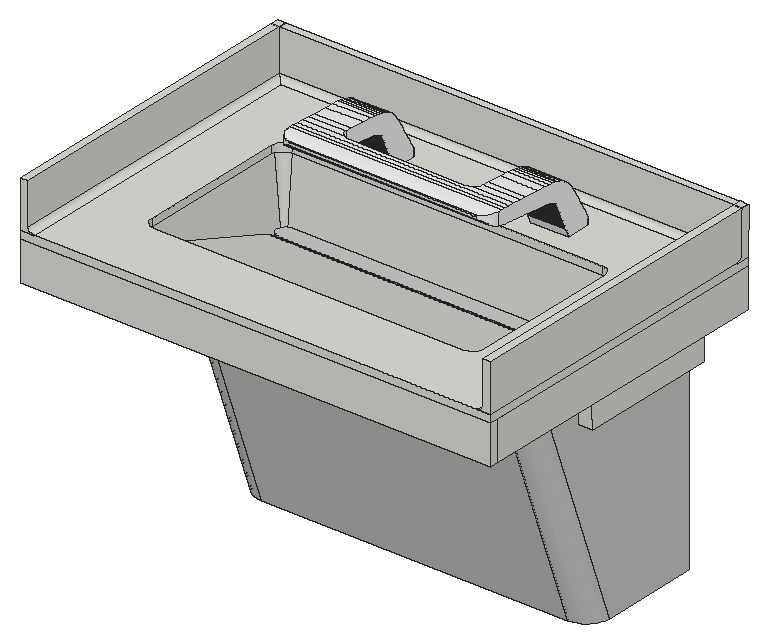
Revit family "Sink-Bradley_Corp-Omnideck_LD-5010_WashBar_1Bowl", category Plumbing Fixtures, Revit 2017
Family settings
  Round Connector Dimension = Use Diameter
  Part Type = Normal
  OmniClass Number = 23.45.00.00
  OmniClass Title = Sanitary, Laundry, and Cleaning Equipment
  Work Plane-Based = No
  Always vertical = Yes
  Cut with Voids When Loaded = No
  Shared = No
  Room Calculation Point = No
Parameters (values of type "Omnideck LD-5010 WashBar 1-Bowl")
  URL = "http://bradleycorp.com"
  SplashRight [instance] = yes
  SplashLeft [instance] = yes
  Splash-Height [instance] = 3"
  Specifications URL = "https://www.bradleycorp.com/3partspec"
  Product Tech Data URL - English = "https://www.bradleycorp.com/download/1152/Bradley_Sink_OmniDeck_LD-3010.pdf"
  Product Page URL = "https://www.bradleycorp.com/lavatories/omnideck/3000-series/omnideck-with-square-multipurpose-basin"
  OmniClass Table 23 Title = "Sinks/Lavatories"
  OmniClass Table 23 Number = "23.45 05 14 14"
  Model = "LD 3010 HS TS1 2-Bowl"
  Material-Deck [instance] = Stone - Bradley Corp - Designer White
  MasterFormat Title = "Commercial Lavatories and Sinks"
  MasterFormat Number = "22 42 16"
  Manufacturer Installation URL - English = "https://www.bradleycorp.com/download/1156/215-1219.pdf"
  Manufacturer = "Bradley Corporation"
  LENGTH [instance] = 30"
  HEIGHT [instance] = 33 1/2"
  SplashBack [instance] = yes
  Material-Basin [instance] = Stone - Bradley Corp - Designer White
  Description = "Bradley Omnideck Lavatory LD 3010  - HS TS1 Two  Bowl"
  DEPTH [instance] = 20 1/2"
  DIST-To-Bowl1 [instance] = 15"
  Copyright = "This Model Data is Property of Bradley Corporation"
  Assembly Code = "D2010400"
  ApronRight [instance] = yes
  ApronLeft [instance] = yes
  ApronFront [instance] = yes
  Apron-Depth [instance] = 3"
Reference planes
  plane 1 "Center (Front/Back)": y = 0
  plane 2: z = 0
  plane 3 "T.O. Deck": z = 850.9
  plane 4 "Deck Thickness": z = 838.2
  plane 5 "F.O.Deck": y = -520.7
  plane 6: z = 363.538
  plane 7 "C.O. BOWL": y = -273.05
  plane 8 "C.O.Bowl1": x = -502.85
  plane 9 "Splash-Height": z = 927.1
  plane 10 "C.O.Faucet-Soap": y = -79.375
  plane 11 "Soap-Left-Bowl2": x = 182.95
  plane 12 "Right-End": x = -121.85
  plane 13 "LEFT-END": x = -883.85
  plane 14: z = 800.1
  plane 15 "B.O. Basin": y = -127
  plane 16: x = -777.487
  plane 17: x = -228.212
  plane 18: x = -232.975
  plane 19: x = -772.725
  plane 20: y = -412.75
  plane 21: y = -133.35
  plane 22 "B.O. Apron": z = 774.7
Forms (mm)
  Extrusion 1, solid, material "Stone - Bradley Corp - Designer White" <- "Material-Deck"
    sketch origin (0, 0, 850.9) x (-1, 0, 0) y (0, -1, 0)
      loop
        line (883.85, 0) -> (883.85, 520.7) -> (121.85, 520.7) -> (121.85, 0) -> (883.85, 0)
    from 0 to -12.7
  Extrusion 2, solid, material "Stone - Bradley Corp - Designer White" <- "Material-Deck", visible <- "ApronFront", detail levels medium+fine
    sketch origin (0, 0, 838.2) x (-1, 0, 0) y (0, -1, 0)
      loop
        line (883.85, 520.7) -> (121.85, 520.7) -> (121.85, 508) -> (883.85, 508) -> (883.85, 520.7)
    from 0 to -63.5
  Extrusion 3, solid, material "Stone - Bradley Corp - Designer White" <- "Material-Deck", visible <- "ApronRight", detail levels medium+fine
    sketch origin (1713.3, 0, 838.2) x (-1, 0, 0) y (0, -1, 0)
      loop
        line (1847.85, 508) -> (1835.15, 508) -> (1835.15, 0) -> (1847.85, 0) -> (1847.85, 508)
    from 0 to -63.5
  Extrusion 4, solid, material "Stone - Bradley Corp - Designer White" <- "Material-Deck", visible <- "ApronLeft", detail levels medium+fine
    sketch origin (-579, 0, 838.2) x (-1, 0, 0) y (0, -1, 0)
      loop
        line (304.85, 508) -> (292.15, 508) -> (292.15, 0) -> (304.85, 0) -> (304.85, 508)
    from 0 to -63.5
  Extrusion 5, solid, material "Stone - Bradley Corp - Designer White" <- "Material-Deck", visible <- "SplashBack"
    sketch origin (-121.85, 0, 0) x (0, 0, -1) y (0, -1, 0)
      loop
        line (-927.1, 12.7) -> (-927.1, 0) -> (-850.9, 0) -> (-850.9, 22.225)
        arc (-850.9, 22.225) -> (-853.69, 15.49) -> (-860.425, 12.7) r 9.525
        line (-860.425, 12.7) -> (-927.1, 12.7)
    from 0 to 762 <- "LENGTH"
  Extrusion 6, solid, material "Stone - Bradley Corp - Designer White" <- "Material-Deck", visible <- "SplashLeft"
    sketch origin (0, 0, 0) x (1, 0, 0) y (0, 0, 1)
      loop
        line (-871.15, 860.425) -> (-871.15, 927.1) -> (-883.85, 927.1) -> (-883.85, 850.9) -> (-861.625, 850.9)
        arc (-861.625, 850.9) -> (-868.36, 853.69) -> (-871.15, 860.425) r 9.525
    from 0 to 520.7 <- "DEPTH"
  Extrusion 7, solid, material "Stone - Bradley Corp - Designer White" <- "Material-Deck", visible <- "SplashRight"
    sketch origin (0, 0, 0) x (1, 0, 0) y (0, 0, 1)
      loop
        line (-134.55, 927.1) -> (-134.55, 860.425)
        arc (-134.55, 860.425) -> (-137.34, 853.69) -> (-144.075, 850.9) r 9.525
        line (-144.075, 850.9) -> (-121.85, 850.9) -> (-121.85, 927.1) -> (-134.55, 927.1)
    from 0 to 520.7 <- "DEPTH"
  Extrusion 8, void
    sketch origin (0, 0, 850.9) x (-1, 0, 0) y (0, -1, 0)
      loop
        arc (251.994, 412.75) -> (238.546, 407.179) -> (232.975, 393.731) r 19.019
        line (232.975, 393.731) -> (232.975, 152.369)
        arc (232.975, 152.369) -> (238.546, 138.921) -> (251.994, 133.35) r 19.019
        line (251.994, 133.35) -> (753.675, 133.35)
        arc (753.675, 133.35) -> (767.123, 138.921) -> (772.725, 152.369) r 19.019
        line (772.725, 152.369) -> (772.694, 393.731)
        arc (772.694, 393.731) -> (767.123, 407.179) -> (753.675, 412.75) r 19.019
        line (753.675, 412.75) -> (251.994, 412.75)
    from 0 to -12.7
Cuts and joins
  Extrusion 8 cuts Extrusion 1
Dimensions and locks
  "HEIGHT": plane 3 "T.O. Deck" to level
  locked: plane 3 "T.O. Deck" to plane 4 "Deck Thickness" at 12.7
  "DEPTH": plane 5 "F.O.Deck" to plane 1 "Center (Front/Back)"
  plane 3 "T.O. Deck" to plane 6 = 19 3/16"  (x2)
  locked: plane 7 "C.O. BOWL" to plane 1 "Center (Front/Back)" at 273.05
  "Splash-Height": plane 9 "Splash-Height" to plane 3 "T.O. Deck"
  locked: plane 1 "Center (Front/Back)" to plane 10 "C.O.Faucet-Soap" at 79.375
  locked: plane 3 "T.O. Deck" to plane 14 at 50.8
  plane 16 to plane 8 "C.O.Bowl1" to plane 17 = 10 13/16", 10 13/16"
  "LENGTH": plane 13 "LEFT-END" to plane 12 "Right-End"
  "DIST-To-Bowl1": plane 13 "LEFT-END" to plane 8 "C.O.Bowl1"
  locked: plane 15 "B.O. Basin" to plane 1 "Center (Front/Back)" at 127
  plane 16 to plane 17 = 21 5/8"
  locked: plane 20 to plane 1 "Center (Front/Back)" at 412.75
  plane 8 "C.O.Bowl1" to Extrusion 8 sketch curve = 10 5/8"
  locked: Extrusion 8 to plane 8 "C.O.Bowl1" at 269.875
  locked: plane 8 "C.O.Bowl1" to Extrusion 8 at 269.875
  "Apron-Depth": plane 3 "T.O. Deck" to plane 22 "B.O. Apron"
  aligned and locked: level to plane 2
  aligned and locked: Extrusion 1 sketch curve to plane 5 "F.O.Deck"
  aligned and locked: Extrusion 1 to plane 4 "Deck Thickness"
  aligned and locked: Extrusion 1 to plane 1 "Center (Front/Back)"
  aligned and locked: plane 12 "Right-End" to Extrusion 1 sketch curve
  aligned and locked: Extrusion 2 sketch curve to plane 12 "Right-End"
  aligned and locked: plane 13 "LEFT-END" to Extrusion 2
  aligned and locked: Extrusion 6 sketch curve to plane 9 "Splash-Height"
  aligned and locked: Extrusion 7 sketch curve to plane 9 "Splash-Height"
  aligned and locked: nested 1 to plane 8 "C.O.Bowl1"
  aligned and locked: plane 1 "Center (Front/Back)" to nested 1
  aligned and locked: nested 2 to plane 10 "C.O.Faucet-Soap"
  aligned and locked: plane 3 "T.O. Deck" to nested 2
  aligned and locked: nested 3 to plane 8 "C.O.Bowl1"
  aligned and locked: plane 4 "Deck Thickness" to nested 3
  aligned and locked: plane 6 to nested 1
  aligned and locked: plane 5 "F.O.Deck" to Extrusion 2
  aligned and locked: plane 22 "B.O. Apron" to Extrusion 2  (x2)
  aligned and locked: Extrusion 3 to plane 22 "B.O. Apron"
  aligned and locked: Extrusion 4 to plane 22 "B.O. Apron"
Automatic sketch dimensions
  Extrusion 1 sketch curve to plane 13 "LEFT-END" = 0"
  plane 1 "Center (Front/Back)" to Extrusion 1 sketch curve = 0"
  Extrusion 2 sketch curve to plane 13 "LEFT-END" = 0"
  plane 5 "F.O.Deck" to Extrusion 2 sketch curve = 0"
  Extrusion 2 sketch curve to plane 5 "F.O.Deck" = 1/2"
  Extrusion 3 sketch curve to plane 12 "Right-End" = 0"
  plane 1 "Center (Front/Back)" to Extrusion 3 sketch curve = 0"
  Extrusion 3 sketch curve to Extrusion 3 sketch curve = 1/2"
  Extrusion 3 sketch curve to plane 5 "F.O.Deck" = 1/2"
  plane 1 "Center (Front/Back)" to Extrusion 4 sketch curve = 0"
  Extrusion 4 sketch curve to plane 13 "LEFT-END" = 0"
  Extrusion 4 sketch curve to plane 13 "LEFT-END" = 1/2"
  Extrusion 4 sketch curve to plane 5 "F.O.Deck" = 1/2"
  plane 13 "LEFT-END" to Extrusion 6 sketch curve = 0"
  Extrusion 6 sketch curve to plane 13 "LEFT-END" = 1/2"
  Extrusion 6 sketch curve to Extrusion 6 sketch curve = 3/8"
  Extrusion 5 sketch curve to plane 1 "Center (Front/Back)" = 0"
  Extrusion 5 sketch curve to plane 9 "Splash-Height" = 0"
  Extrusion 5 sketch curve to plane 3 "T.O. Deck" = 0"
  plane 3 "T.O. Deck" to Extrusion 5 sketch curve = 3/8"
  plane 1 "Center (Front/Back)" to Extrusion 5 sketch curve = 1/2"
  plane 12 "Right-End" to Extrusion 7 sketch curve = 0"
  plane 3 "T.O. Deck" to Extrusion 7 sketch curve = 3/8"
  plane 12 "Right-End" to Extrusion 7 sketch curve = 7/8"
  Extrusion 6 sketch curve to plane 3 "T.O. Deck" = 0"
  Extrusion 7 sketch curve to plane 3 "T.O. Deck" = 0"
  plane 20 to Extrusion 8 sketch curve = 0"
  plane 21 to Extrusion 8 sketch curve = 0"
  Extrusion 8 sketch curve to plane 19 = 0"
  plane 18 to Extrusion 8 sketch curve = 0.74878"  (x2)
  Extrusion 8 sketch curve to plane 19 = 3/4"
  Extrusion 8 sketch curve to Extrusion 8 sketch curve = 3/4"
  Extrusion 8 sketch curve to Extrusion 8 sketch curve = 0.74878"  (x2)
  Extrusion 8 sketch curve to Extrusion 8 sketch curve = 0"  (x2)
Nested families
  nested 1: "Access-Panel-LD5010" at (-502.85, 0, 810.323), type "Access-Panel-LD5010"
  nested 2: "Faucet-Soap-Dryer-Bradley_Corp-3_In_One_Washbar" at (-502.85, -55.575, 850.9), type "Washbar"
  nested 3: "Basin-Bradley_Corp-Omnideck-WashBar-LD5010" at (-437.762, 0, 0), Basin Material <- "Material-Basin", type "LVQ-1"
    with Height 33 1/2", Basin Material Stone - Bradley Corp - Designer White
Definition of nested family "Access-Panel-LD5010"
  Reference planes
    plane 1 "Center (Front/Back)": y = 0
    plane 2 "T.O. Access Panel": z = 0
    plane 3 "Center (Left/Right)": x = 0
    plane 4 "B.O. Access Panel": z = -446.786
    plane 5: through (0, -339.048, 0) normal (0, 0.9397, 0.342)
    plane 6 "Bottom Perimeter": y = -198.374
    plane 7 "Top Perimeter": y = -348.488
    plane 8 "Inside-Left": x = -252.73
    plane 9 "Inside-Right": x = 252.73
    plane 10: x = -285.369
    plane 11: x = 285.369
    plane 12: z = -33.528
    plane 13: y = 214.884
    plane 14 "top edge": y = -360.667
  Forms (mm)
    Blend 1, solid
      base sketch origin (0, 0, -446.786) x (0, -1, 0) y (1, 0, 0)
        loop
          arc (195.834, -247.269) -> (185.419, -272.414) -> (160.274, -282.829) r 35.56
          line (160.274, -282.829) -> (0, -282.829) -> (0, -285.369) -> (160.274, -285.369)
          arc (160.274, -285.369) -> (187.215, -274.21) -> (198.374, -247.269) r 38.1
          line (198.374, -247.269) -> (198.374, 247.269)
          arc (198.374, 247.269) -> (187.215, 274.21) -> (160.274, 285.369) r 38.1
          line (160.274, 285.369) -> (0, 285.369) -> (0, 282.829) -> (160.274, 282.829)
          arc (160.274, 282.829) -> (185.419, 272.414) -> (195.834, 247.269) r 35.56
          line (195.834, 247.269) -> (195.834, -247.269)
      top sketch origin (0, 0, 0) x (1, 0, 0) y (0, 1, 0)
        loop
          arc (247.269, -360.667) -> (274.21, -349.508) -> (285.369, -322.567) r 38.1
          line (285.369, -322.567) -> (285.369, 0) -> (282.829, 0) -> (282.829, -322.567)
          arc (282.829, -322.567) -> (272.414, -347.712) -> (247.269, -358.127) r 35.56
          line (247.269, -358.127) -> (-247.269, -358.127)
          arc (-247.269, -358.127) -> (-272.414, -347.712) -> (-282.829, -322.567) r 35.56
          line (-282.829, -322.567) -> (-282.829, 0) -> (-285.369, 0) -> (-285.369, -322.567)
          arc (-285.369, -322.567) -> (-274.21, -349.508) -> (-247.269, -360.667) r 38.1
          line (-247.269, -360.667) -> (247.269, -360.667)
      from 0 to 0
    Extrusion 2, void
      sketch origin (0, 0, 0) x (0, 1, 0) y (0, 0, 1)
        loop
          arc (-368.237, -44.643) -> (-286.598, -9.794) -> (-198.374, 0) r 304.142
          line (-198.374, 0) -> (-198.374, 19.05) -> (-368.237, 19.05) -> (-368.237, -44.643)
      from -304.8 to 304.8
  Cuts and joins
    Extrusion 2 cuts Blend 1
  Lines and regions (mm)
    Masking region 1
      outline origin (0, 0, 0) x (1, 0, 0) y (0, 0, 1)
        loop
          line (252.73, 0) -> (-252.73, 0) -> (-252.73, -446.786) -> (252.73, -446.786) -> (252.73, 0)
    Masking region 2
      outline origin (0, 0, 0) x (0, 1, 0) y (0, 0, 1)
        loop
          line (0, -446.786) -> (0, 0) -> (-339.048, 0) -> (-178.598, -446.786) -> (0, -446.786)
    symbolic lines
      curve 1: line (0, -198.374, -446.786) -> (0, -360.667, 0)
  Dimensions and locks
    plane 10 to plane 3 "Center (Left/Right)" to plane 11 = 11.235", 11.235"
    plane 10 to plane 11 = 22.47"
    plane 6 "Bottom Perimeter" to plane 1 "Center (Front/Back)" = 7.81"
    plane 7 "Top Perimeter" to plane 1 "Center (Front/Back)" = 13.72"
    level to plane 4 "B.O. Access Panel" = 17.59"
    plane 12 to plane 4 "B.O. Access Panel" = 16.27"
    aligned and locked: plane 2 "T.O. Access Panel" to level
    aligned and locked: Masking region 2 to plane 4 "B.O. Access Panel"
    aligned and locked: Masking region 1 to plane 4 "B.O. Access Panel"
Definition of nested family "Faucet-Soap-Dryer-Bradley_Corp-3_In_One_Washbar"
  Parameters (values of type "Washbar")
    Washbar Material = none
    Model = "Bradley Washbar"
  Reference planes
    plane 1 "B.O. Washbar": y = 0
    plane 2 "BASE": z = 0
    plane 3 "Center (Left/Right)": x = 0
    plane 4: x = -120.65
    plane 5: x = 120.65
    plane 6: x = -146.108
    plane 7: x = 196.73
    plane 8 "Washbar-Left": x = -171.45
    plane 9 "Washbar-Right": x = 171.45
    plane 10 "Deck Hole-Right": x = 139.7
    plane 11 "Deck Hole-Left": x = -139.7
    plane 12: y = -158.79
    plane 13: x = -111.125
    plane 14: x = 111.125
    plane 15 "Washbar-Front": y = -209.362
    plane 16 "C.O. Faucet Connection": y = -23.8
  Forms (mm)
    Extrusion 1, solid, material <- "Washbar Material"
      sketch origin (0, 0, 0) x (0, 1, 0) y (0, 0, 1)
        loop
          line (0, 0) -> (-2.908, 4.966) -> (-5.773, 9.932) -> (-8.618, 14.91) -> (-11.463, 19.889) -> (-14.314, 24.864) -> (-17.167, 29.837) -> (-20.018, 34.812) -> (-22.861, 39.791) -> (-25.688, 44.78) -> (-28.496, 49.779) -> (-31.292, 54.785) -> (-34.089, 59.79) -> (-36.95, 64.758) -> (-39.964, 69.629) -> (-43.269, 74.306) -> (-47.037, 78.624) -> (-51.367, 82.378) -> (-56.197, 85.441) -> (-61.4, 87.831) -> (-66.841, 89.634) -> (-72.414, 90.982) -> (-78.054, 92) -> (-83.73, 92.78) -> (-93.767, 93.856) -> (-108.192, 94.754) -> (-131.905, 96.037) -> (-142.274, 96.655) -> (-156.34, 97.542) -> (-165.831, 98.099) -> (-175.514, 98.578) -> (-180.82, 98.735)
          arc (-180.82, 98.735) -> (-194.876, 98.272) -> (-208.766, 96.06) r 112.569
          arc (-208.766, 96.06) -> (-209.25, 95.713) -> (-209.336, 95.123) r 0.762
          line (-209.336, 95.123) -> (-207.999, 90.022) -> (-199.479, 84.056) -> (-199.951, 82.514) -> (-173.927, 74.558)
          arc (-173.927, 74.558) -> (-173.403, 74.645) -> (-173.073, 75.06) r 0.741
          arc (-173.073, 75.06) -> (-172.338, 75.841) -> (-171.268, 75.922) r 1.482
          line (-171.268, 75.922) -> (-167.709, 75.516) -> (-166.749, 75.407) -> (-165.658, 75.283) -> (-164.439, 75.144) -> (-163.095, 74.99) -> (-161.633, 74.824) -> (-160.062, 74.645) -> (-158.394, 74.455) -> (-156.64, 74.255) -> (-154.816, 74.047) -> (-152.944, 73.834) -> (-151.044, 73.618) -> (-149.135, 73.4) -> (-147.228, 73.183) -> (-145.323, 72.966) -> (-143.417, 72.749) -> (-141.511, 72.531) -> (-139.604, 72.314) -> (-137.698, 72.097) -> (-135.792, 71.88) -> (-133.885, 71.662) -> (-131.979, 71.445) -> (-130.073, 71.228) -> (-128.167, 71.011) -> (-126.261, 70.793) -> (-124.355, 70.576) -> (-122.449, 70.359) -> (-120.544, 70.142) -> (-118.638, 69.925) -> (-116.733, 69.707) -> (-114.828, 69.49) -> (-112.923, 69.273) -> (-111.018, 69.056) -> (-109.113, 68.84) -> (-107.208, 68.623) -> (-105.303, 68.406) -> (-103.399, 68.187) -> (-101.495, 67.968) -> (-99.592, 67.75) -> (-97.688, 67.537) -> (-95.784, 67.329) -> (-93.88, 67.121) -> (-91.978, 66.902) -> (-90.079, 66.662) -> (-88.184, 66.397) -> (-86.292, 66.108) -> (-82.884, 65.553) -> (-79.277, 64.113) -> (-78.238, 63.616) -> (-77.232, 63.054) -> (-76.256, 62.439) -> (-75.313, 61.779) -> (-74.409, 61.07) -> (-73.547, 60.309) -> (-72.709, 59.47) -> (-71.919, 58.566) -> (-71.203, 57.597) -> (-70.573, 56.565) -> (-70.017, 55.487) -> (-69.523, 54.38) -> (-69.066, 53.258) -> (-68.62, 52.13) -> (-68.162, 51.007) -> (-67.688, 49.891) -> (-67.206, 48.777) -> (-66.723, 47.664) -> (-66.243, 46.549) -> (-65.767, 45.432) -> (-65.293, 44.315) -> (-64.819, 43.198) -> (-64.343, 42.081) -> (-63.867, 40.964) -> (-63.39, 39.847) -> (-62.913, 38.731) -> (-62.435, 37.615) -> (-61.958, 36.498) -> (-61.48, 35.382) -> (-61.003, 34.265) -> (-60.526, 33.149) -> (-60.048, 32.032) -> (-59.571, 30.916) -> (-59.093, 29.799) -> (-58.615, 28.683) -> (-58.137, 27.567) -> (-57.659, 26.45) -> (-57.18, 25.334) -> (-56.702, 24.218) -> (-56.224, 23.101) -> (-55.745, 21.985) -> (-55.267, 20.869) -> (-54.788, 19.753) -> (-54.309, 18.637) -> (-53.83, 17.521) -> (-53.351, 16.405) -> (-52.872, 15.289) -> (-52.393, 14.173) -> (-46.304, 0) -> (0, 0)
      from -171.45 to 171.45
    Extrusion 2, void
      sketch origin (0, 0, 0) x (1, 0, 0) y (0, 1, 0)
        loop
          arc (-111.125, -143.55) -> (-106.661, -154.327) -> (-95.885, -158.79) r 15.24
          line (-95.885, -158.79) -> (0, -158.79) -> (0, 3.175) -> (-139.7, 3.175) -> (-139.7, 0)
          arc (-139.7, 0) -> (-125.511, -1.679) -> (-111.896, -6.013) r 75.153
          arc (-111.896, -6.013) -> (-111.335, -6.481) -> (-111.125, -7.181) r 1.27
          line (-111.125, -7.181) -> (-111.125, -143.55)
      from 0 to 152.4
    Extrusion 3, void
      sketch origin (0, 0, 0) x (-1, 0, 0) y (0, -1, 0)
        loop
          line (-111.125, 143.55) -> (-111.125, 7.181)
          arc (-111.125, 7.181) -> (-111.335, 6.481) -> (-111.896, 6.013) r 1.27
          arc (-111.896, 6.013) -> (-125.511, 1.679) -> (-139.7, 0) r 75.153
          line (-139.7, 0) -> (-139.7, -3.175) -> (0, -3.175) -> (0, 158.79) -> (-95.885, 158.79)
          arc (-95.885, 158.79) -> (-106.661, 154.327) -> (-111.125, 143.55) r 15.24
      from 0 to 152.4
    Extrusion 4, void
      sketch origin (0, 0, 0) x (1, 0, 0) y (0, 1, 0)
        loop
          line (-142.875, 0) -> (-142.875, 3.111) -> (-174.738, 3.111) -> (-174.738, -7.181) -> (-171.45, -7.181)
          arc (-171.45, -7.181) -> (-171.24, -6.481) -> (-170.679, -6.013) r 1.27
          arc (-170.679, -6.013) -> (-157.064, -1.679) -> (-142.875, 0) r 75.153
      from 0 to 50.8
    Extrusion 5, void
      sketch origin (0, 0, 0) x (-1, 0, 0) y (0, -1, 0)
        loop
          arc (-142.875, 0) -> (-157.064, 1.679) -> (-170.679, 6.013) r 75.153
          arc (-170.679, 6.013) -> (-171.24, 6.481) -> (-171.45, 7.181) r 1.27
          line (-171.45, 7.181) -> (-174.738, 7.181) -> (-174.738, -3.111) -> (-142.875, -3.111) -> (-142.875, 0)
      from 0 to 50.8
    Extrusion 6, void
      sketch origin (0, 0, 0) x (1, 0, 0) y (0, 1, 0)
        loop
          line (-179.186, -186.859) -> (-179.186, -215.881) -> (-149.537, -215.881) -> (-149.537, -209.122)
          arc (-149.537, -209.122) -> (-164.22, -201.711) -> (-171.284, -186.859) r 25.4
          line (-171.284, -186.859) -> (-179.186, -186.859)
      from 0 to 153.722
    Extrusion 7, void
      sketch origin (0, 0, 0) x (-1, 0, 0) y (0, -1, 0)
        loop
          line (-179.186, 186.859) -> (-171.284, 186.859)
          arc (-171.284, 186.859) -> (-164.22, 201.711) -> (-149.537, 209.122) r 25.4
          line (-149.537, 209.122) -> (-149.537, 215.881) -> (-179.186, 215.881) -> (-179.186, 186.859)
      from 0 to 153.722
  Cuts and joins
    Extrusion 2, Extrusion 3, Extrusion 4, Extrusion 5, Extrusion 6, Extrusion 7 cuts Extrusion 1
  Lines and regions (mm)
    Masking region 1
      outline origin (0, 0, 0) x (1, 0, 0) y (0, 1, 0)
        loop
          arc (146.05, -209.362) -> (164.011, -201.923) -> (171.45, -183.962) r 25.4
          line (171.45, -183.962) -> (171.45, -6.348)
          arc (171.45, -6.348) -> (156.699, -1.601) -> (141.288, 0.019) r 75.153
          arc (141.288, 0.019) -> (125.876, -1.601) -> (111.125, -6.348) r 75.153
          line (111.125, -6.348) -> (111.125, -143.55)
          arc (111.125, -143.55) -> (106.661, -154.327) -> (95.885, -158.79) r 15.24
          line (95.885, -158.79) -> (-95.885, -158.79)
          arc (-95.885, -158.79) -> (-106.661, -154.327) -> (-111.125, -143.55) r 15.24
          line (-111.125, -143.55) -> (-111.125, -6.348)
          arc (-111.125, -6.348) -> (-125.876, -1.601) -> (-141.287, 0.019) r 75.153
          arc (-141.287, 0.019) -> (-156.699, -1.601) -> (-171.45, -6.348) r 75.153
          line (-171.45, -6.348) -> (-171.45, -183.962)
          arc (-171.45, -183.962) -> (-164.011, -201.923) -> (-146.05, -209.362) r 25.4
          line (-146.05, -209.362) -> (146.05, -209.362)
    Masking region 2
      outline origin (0, 0, 0) x (0, 1, 0) y (0, 0, 1)
        loop
          line (-108.192, 94.754) -> (-131.905, 96.037) -> (-142.274, 96.655) -> (-156.34, 97.542) -> (-172.427, 98.487) -> (-180.82, 98.735)
          arc (-180.82, 98.735) -> (-194.876, 98.272) -> (-208.766, 96.06) r 112.569
          arc (-208.766, 96.06) -> (-209.25, 95.713) -> (-209.336, 95.123) r 0.762
          line (-209.336, 95.123) -> (-207.999, 90.022) -> (-199.479, 84.056) -> (-199.951, 82.514) -> (-173.927, 74.558)
          arc (-173.927, 74.558) -> (-173.437, 74.627) -> (-173.1, 74.988) r 0.741
          arc (-173.1, 74.988) -> (-172.372, 75.824) -> (-171.268, 75.922) r 1.482
          line (-171.268, 75.922) -> (-167.709, 75.516) -> (-166.749, 75.407) -> (-165.658, 75.283) -> (-164.439, 75.144) -> (-163.095, 74.99) -> (-161.633, 74.824) -> (-160.062, 74.645) -> (-158.394, 74.455) -> (-156.64, 74.255) -> (-154.816, 74.047) -> (-152.944, 73.834) -> (-151.044, 73.618) -> (-149.135, 73.4) -> (-147.228, 73.183) -> (-145.323, 72.966) -> (-143.417, 72.749) -> (-141.511, 72.531) -> (-139.604, 72.314) -> (-137.698, 72.097) -> (-135.792, 71.88) -> (-133.885, 71.662) -> (-131.979, 71.445) -> (-130.073, 71.228) -> (-128.167, 71.011) -> (-126.261, 70.793) -> (-124.355, 70.576) -> (-122.449, 70.359) -> (-120.544, 70.142) -> (-118.638, 69.925) -> (-116.733, 69.707) -> (-114.828, 69.49) -> (-112.923, 69.273) -> (-111.018, 69.056) -> (-109.113, 68.84) -> (-107.208, 68.623) -> (-105.303, 68.406) -> (-103.399, 68.187) -> (-101.495, 67.968) -> (-99.592, 67.75) -> (-97.688, 67.537) -> (-95.784, 67.329) -> (-93.88, 67.121) -> (-91.978, 66.902) -> (-90.079, 66.662) -> (-88.184, 66.397) -> (-86.292, 66.108) -> (-82.884, 65.553) -> (-79.277, 64.113) -> (-78.238, 63.616) -> (-77.232, 63.054) -> (-76.256, 62.439) -> (-75.313, 61.779) -> (-74.409, 61.07) -> (-73.547, 60.309) -> (-72.709, 59.47) -> (-71.919, 58.566) -> (-71.203, 57.597) -> (-70.573, 56.565) -> (-70.017, 55.487) -> (-69.523, 54.38) -> (-69.066, 53.258) -> (-68.62, 52.13) -> (-68.162, 51.007) -> (-67.688, 49.891) -> (-67.206, 48.777) -> (-66.723, 47.664) -> (-66.243, 46.549) -> (-65.767, 45.432) -> (-65.293, 44.315) -> (-64.819, 43.198) -> (-64.343, 42.081) -> (-63.867, 40.964) -> (-63.39, 39.847) -> (-62.913, 38.731) -> (-62.435, 37.615) -> (-61.958, 36.498) -> (-61.48, 35.382) -> (-61.003, 34.265) -> (-60.526, 33.149) -> (-60.048, 32.032) -> (-59.571, 30.916) -> (-59.093, 29.799) -> (-58.615, 28.683) -> (-58.137, 27.567) -> (-57.659, 26.45) -> (-57.18, 25.334) -> (-56.702, 24.218) -> (-56.224, 23.101) -> (-55.745, 21.985) -> (-55.267, 20.869) -> (-54.788, 19.753) -> (-54.309, 18.637) -> (-53.83, 17.521) -> (-53.351, 16.405) -> (-52.872, 15.289) -> (-52.393, 14.173) -> (-46.304, 0) -> (-0.099, 0) -> (-8.618, 14.91) -> (-11.463, 19.889) -> (-14.314, 24.864) -> (-17.167, 29.837) -> (-20.018, 34.812) -> (-22.861, 39.791) -> (-25.688, 44.78) -> (-28.496, 49.779) -> (-31.292, 54.785) -> (-34.089, 59.79) -> (-36.95, 64.758) -> (-39.964, 69.629) -> (-43.269, 74.306) -> (-47.037, 78.624) -> (-51.367, 82.378) -> (-56.197, 85.441) -> (-61.4, 87.831) -> (-66.841, 89.634) -> (-72.414, 90.982) -> (-78.054, 92) -> (-83.73, 92.78) -> (-93.767, 93.856) -> (-108.192, 94.754)
    Masking region 3
      outline origin (0, 0, 0) x (1, 0, 0) y (0, 0, 1)
        loop
          line (-171.45, 98.578) -> (-171.45, 0) -> (-111.125, 0) -> (-111.125, 72.749)
          arc (-111.125, 72.749) -> (-109.839, 73.414) -> (-108.432, 73.756) r 6.06
          arc (-108.432, 73.756) -> (-102.17, 74.314) -> (-95.885, 74.5) r 106.159
          line (-95.885, 74.5) -> (95.885, 74.5)
          arc (95.885, 74.5) -> (102.17, 74.314) -> (108.432, 73.756) r 106.159
          arc (108.432, 73.756) -> (109.839, 73.414) -> (111.125, 72.749) r 6.06
          line (111.125, 72.749) -> (111.125, 0) -> (171.45, 0) -> (171.45, 98.578) -> (-171.45, 98.578)
    symbolic lines
      curve 1: line (-95.885, 0, 74.5) -> (-170.925, 0, 74.5)
      curve 2: line (95.885, 0, 74.5) -> (170.925, 0, 74.5)
  Dimensions and locks
    locked: plane 8 "Washbar-Left" to plane 9 "Washbar-Right" at 342.9
    plane 11 "Deck Hole-Left" to plane 3 "Center (Left/Right)" to plane 10 "Deck Hole-Right" = 5 1/2", 5 1/2"
    plane 8 "Washbar-Left" to plane 11 "Deck Hole-Left" to plane 13 = 1 1/4", 1 1/8"
    plane 14 to plane 10 "Deck Hole-Right" = 1 1/8"
    plane 11 "Deck Hole-Left" to plane 10 "Deck Hole-Right" = 11"
    plane 16 "C.O. Faucet Connection" to plane 1 "B.O. Washbar" = 0.937"
    aligned and locked: level to plane 2 "BASE"
    aligned and locked: Extrusion 1 to plane 8 "Washbar-Left"
    aligned and locked: plane 9 "Washbar-Right" to Extrusion 1
Definition of nested family "Basin-Bradley_Corp-Omnideck-WashBar-LD5010"
  Parameters (values of type "LVQ-1")
    Warranty Information = ""
    Version = "1.0"
    URL = "http://bradleycorp.com"
    Specifications URL = "https://www.bradleycorp.com/3partspec"
    Product Tech Data URL - English = "https://www.bradleycorp.com/download/4754/Bradley_Sink_Verge_LVQD1.pdf"
    Product Page URL = "http://info.bradleycorp.com/verge-washbar"
    OmniClass Table 23 Title = "Sink/Lavatories"
    OmniClass Table 23 Number = "23-31 13 00"
    OmniClass Table 21 Title = "Plumbing Fixtures"
    OmniClass Table 21 Number = "21-04 20 10 60"
    Model = "LVQD1"
    MasterFormat Title = "Commercial Lavatories and Sinks"
    MasterFormat Number = "22 42 16"
    Manufacturer Revit Model URL = ""
    Manufacturer Installation URL - English = ""
    Manufacturer = "Bradley Corporation"
    Length = 30"
    Installation Type = "Wall Hung"
    Height [instance] = 33 1/2"
    Description = "Verge™ Lavatory System w/Washbar Technology – LVQ Series, One Station"
    Depth = 21"
    Copyright = "This Model Data is Property of Bradley Corporation"
    Basin Material [instance] = none
    Assembly Code = "D2010300"
    ADA Compliant = yes
  Reference planes
    plane 1 "Center (Front/Back)": y = 0
    plane 2: z = 0
    plane 3 "Center (Left/Right)": x = -6.35
    plane 4: x = -381
    plane 5: x = 381
    plane 6 "T.O. Lav Deck": z = 850.9
    plane 7: y = -533.4
    plane 8 "B.O. Basin": y = -127
    plane 9: y = -69.85
    plane 10 "B.O. Bowl": z = 628.65
    plane 11 "Mid-Basin": y = -338.293
    plane 12 "B.O. Deck": z = 755.65
    plane 13: x = -339.725
    plane 14: x = 339.725
    plane 15: z = 342.9
    plane 16: through (358.886, -6.269, 1219.2) normal (0.9959, -0.0902, 0)
    plane 17: through (-331.911, -304.093, 1219.2) normal (-0.9959, -0.0902, 0)
    plane 18: z = 673.72
    plane 19 "Access Panel Side": through (325.941, -370.004, 1219.2) normal (0.0902, 0.9959, 0)
    plane 20 "Drain Strip-Bottom": z = 713.126
    plane 21 "Drain Strip-Top": z = 732.99
    plane 22: x = 209.55
    plane 23: x = 250.825
    plane 24: x = -65.087
  Forms (mm)
    Extrusion 1, void
      sketch origin (-6.35, 0, 0) x (0, 1, 0) y (0, 0, 1)
        loop
          line (-408.046, 820.041) -> (-169.423, 732.99)
          arc (-169.423, 732.99) -> (-167.965, 731.914) -> (-167.333, 730.215) r 3.175
          line (-167.333, 730.215) -> (-166.138, 713.126) -> (-139.054, 713.126) -> (-127.254, 847.995)
          arc (-127.254, 847.995) -> (-127.072, 848.818) -> (-126.679, 849.564) r 3.175
          arc (-126.679, 849.564) -> (-125.947, 850.347) -> (-125.029, 850.9) r 3.893
          line (-125.029, 850.9) -> (-421.71, 850.9)
          arc (-421.71, 850.9) -> (-420.703, 850.54) -> (-420.153, 849.622) r 1.588
          line (-420.153, 849.622) -> (-417.881, 838.2) -> (-416.149, 829.495)
          arc (-416.149, 829.495) -> (-413.335, 823.707) -> (-408.046, 820.041) r 12.7
      from 209.55 to -339.725
    Extrusion 2, solid, material <- "Basin Material"
      sketch origin (-6.35, 0, 0) x (0, 1, 0) y (0, 0, 1)
        loop
          line (-303.644, 755.65) -> (-296.71, 736.6) -> (-230.339, 736.6) -> (-224.838, 673.72) -> (0, 673.72) -> (0, 838.2) -> (-455.981, 838.2) -> (-455.13, 828.476)
          arc (-455.13, 828.476) -> (-454.258, 826.372) -> (-452.154, 825.5) r 2.976
          line (-452.154, 825.5) -> (-442.096, 825.5) -> (-438.272, 825.5)
          arc (-438.272, 825.5) -> (-433.142, 824.001) -> (-429.627, 819.974) r 9.525
          arc (-429.627, 819.974) -> (-423.03, 810.934) -> (-413.466, 805.12) r 28.575
          line (-413.466, 805.12) -> (-349.705, 781.914)
          arc (-349.705, 781.914) -> (-347.387, 780.438) -> (-345.91, 778.119) r 6.35
          line (-345.91, 778.119) -> (-337.732, 755.65) -> (-303.644, 755.65)
      from 250.825 to -355.6
    Extrusion 3, solid
      sketch origin (0, 0, 732.99) x (0, -1, 0) y (1, 0, 0)
        loop
          arc (165.856, 181.191) -> (152.309, 194.738) -> (138.763, 181.191) r 13.546
          line (138.763, 181.191) -> (138.763, -311.366)
          arc (138.763, -311.366) -> (152.309, -324.913) -> (165.856, -311.366) r 13.546
          line (165.856, -311.366) -> (165.856, 181.191)
      from 0 to -9.525
    Sweep 4, solid, material <- "Basin Material"
      path origin (0, 0, 850.9) x (-1, 0, 0) y (0, -1, 0)
        loop
          arc (320.675, 125.029) -> (334.145, 130.609) -> (339.725, 144.079) r 19.05
          line (339.725, 144.079) -> (339.725, 401.913)
          arc (339.725, 401.913) -> (334.145, 415.383) -> (320.675, 420.963) r 19.05
      profile "Inner-Bowl-Surface : Inner-Bowl-Surface" origin (-334.145, -130.609, 850.9) x (0.707107, -0.707107, 0) y (0, 0, 1)
        loop
          line (14.025, -137.774) -> (3.082, -12.7) -> (-8.043, -12.7) -> (-8.043, -137.774) -> (14.025, -137.774)
    Extrusion 5, void
      sketch origin (30.588, -337.712, 0) x (0.995923, 0.090206, 0) y (0, 0, -1)
        loop
          line (-334.704, -666.251) -> (-375.446, -655.793) -> (-400.724, -754.265) -> (-357.297, -754.265) -> (-334.704, -666.251)
      from 381 to -139.035
    Extrusion 6, void
      sketch origin (-160.763, -337.712, 0) x (-0.995923, 0.090206, 0) y (0, 0, 1)
        loop
          line (-334.704, 666.251) -> (-357.297, 754.265) -> (-400.724, 754.265) -> (-375.446, 655.793) -> (-334.704, 666.251)
      from 381 to -139.035
    Sweep 7, solid, material <- "Basin Material"
      path origin (-130.175, 0, 850.9) x (1, 0, 0) y (0, -1, 0)
        loop
          arc (320.675, 125.029) -> (334.145, 130.609) -> (339.725, 144.079) r 19.05
          line (339.725, 144.079) -> (339.725, 401.913)
          arc (339.725, 401.913) -> (334.145, 415.383) -> (320.675, 420.963) r 19.05
      profile "Inner-Bowl-Surface : Inner-Bowl-Surface" origin (203.97, -130.609, 850.9) x (0.707107, 0.707107, 0) y (0, 0, 1)
        loop
          line (-14.025, -137.774) -> (8.043, -137.774) -> (8.043, -12.7) -> (-3.082, -12.7) -> (-14.025, -137.774)
    Extrusion 8, void
      sketch origin (-6.35, 0, 0) x (0, 1, 0) y (0, 0, 1)
        loop
          line (-429.005, 818.712) -> (-429.005, 754.265) -> (-337.228, 754.265) -> (-345.91, 778.119)
          arc (-345.91, 778.119) -> (-347.387, 780.438) -> (-349.705, 781.914) r 6.35
          line (-349.705, 781.914) -> (-413.466, 805.12)
          arc (-413.466, 805.12) -> (-422.506, 810.464) -> (-429.005, 818.712) r 28.575
      from -355.6 to -228.6
    Extrusion 9, void
      sketch origin (-123.825, 0, 0) x (0, 1, 0) y (0, 0, -1)
        loop
          arc (-429.005, -818.712) -> (-422.506, -810.464) -> (-413.466, -805.12) r 28.575
          line (-413.466, -805.12) -> (-349.705, -781.914)
          arc (-349.705, -781.914) -> (-347.387, -780.438) -> (-345.91, -778.119) r 6.35
          line (-345.91, -778.119) -> (-337.228, -754.265) -> (-429.005, -754.265) -> (-429.005, -818.712)
      from -355.6 to -228.6
  Cuts and joins
    Extrusion 1, Extrusion 9 cuts Extrusion 2
    Extrusion 5, Extrusion 8, Extrusion 9 cuts Sweep 4
    Extrusion 6, Extrusion 9 cuts Sweep 7
    joined: Extrusion 2, Sweep 4, Sweep 7
  Lines and regions (mm)
    symbolic lines
      curve 1: line (-111.125, -125.029, 732.99) -> (111.125, -125.029, 732.99)
      curve 2: line (-327.438, -169.418, 732.99) -> (-337.148, -474.345, 732.99)
      curve 3: arc (-311.366, -138.763, 732.99) -> (-324.913, -152.309, 732.99) -> (-311.366, -165.856, 732.99) r 13.546
      curve 4: arc (-320.675, -139.054, 732.99) -> (-324.229, -140.526, 732.99) -> (-325.7, -144.079, 732.99) r 5.025
      curve 5: line (-325.7, -144.079, 732.99) -> (-325.7, -166.138, 732.99)
      curve 6: line (-325.7, -166.138, 732.99) -> (-327.196, -167.333, 732.99)
      curve 7: spline (-327.196, -167.333, 732.99) -> (-327.222, -167.367, 732.99) -> (-327.248, -167.431, 732.99) -> (-327.274, -167.524, 732.99) -> (-327.298, -167.644, 732.99) -> (-327.322, -167.79, 732.99) -> (-327.344, -167.962, 732.99) -> (-327.364, -168.157, 732.99) -> (-327.383, -168.375, 732.99) -> (-327.4, -168.612, 732.99) -> (-327.415, -168.866, 732.99) -> (-327.428, -169.136, 732.99) -> (-327.438, -169.418, 732.99)
      curve 8: line (-171.45, -139.054, 732.99) -> (-320.675, -139.054, 732.99)
      curve 9: line (-171.45, -166.138, 732.99) -> (-325.7, -166.138, 732.99)
      curve 10: line (111.125, -139.054, 732.99) -> (-111.125, -139.054, 732.99)
      curve 11: line (111.125, -166.138, 732.99) -> (-111.125, -166.138, 732.99)
  Dimensions and locks
    "Length": plane 4 to plane 5
    plane 6 "T.O. Lav Deck" to plane 2 = 33 1/2"
    "Depth": plane 7 to plane 1 "Center (Front/Back)"
    locked: plane 8 "B.O. Basin" to plane 1 "Center (Front/Back)" at 127
    locked: plane 9 to plane 1 "Center (Front/Back)" at 69.85
    plane 6 "T.O. Lav Deck" to plane 10 "B.O. Bowl" = 8 3/4"
    locked: plane 6 "T.O. Lav Deck" to plane 12 "B.O. Deck" at 95.25
    locked: plane 6 "T.O. Lav Deck" to plane 10 "B.O. Bowl" at 222.25
    locked: plane 13 to plane 14 at 679.45
    locked: plane 6 "T.O. Lav Deck" to plane 15 at 508
    locked: plane 6 "T.O. Lav Deck" to plane 21 "Drain Strip-Top" at 117.91
    plane 13 to plane 22 = 21 5/8"
    plane 3 "Center (Left/Right)" to plane 23 = 10 1/8"
    equal spacing: plane 13, plane 24, plane 22
    cut or joined group of Extrusion 1, Extrusion 2, Sweep 4, Extrusion 5, Extrusion 6, Sweep 7, Extrusion 8, Extrusion 9 to plane 8 "B.O. Basin" = 11.452"
    aligned and locked: level to plane 2
  Automatic sketch dimensions
    Extrusion 1 sketch curve to plane 6 "T.O. Lav Deck" = 0"  (x2)
    Extrusion 1 sketch curve to plane 21 "Drain Strip-Top" = 0"
    Extrusion 1 sketch curve to plane 20 "Drain Strip-Bottom" = 0"
    Extrusion 1 sketch curve to plane 6 "T.O. Lav Deck" = 1/16"
    Extrusion 1 sketch curve to plane 11 "Mid-Basin" = 3.28412"
    Extrusion 1 sketch curve to plane 6 "T.O. Lav Deck" = 0.05031"
    Extrusion 1 sketch curve to plane 6 "T.O. Lav Deck" = 1/2"
    Extrusion 1 sketch curve to Extrusion 1 sketch curve = 0.08945"
    Extrusion 1 sketch curve to plane 6 "T.O. Lav Deck" = 0.84273"
    Extrusion 1 sketch curve to Extrusion 1 sketch curve = 0.06817"
    Extrusion 1 sketch curve to plane 6 "T.O. Lav Deck" = 1.21491"
    Extrusion 1 sketch curve to Extrusion 1 sketch curve = 0.31904"
    Extrusion 1 sketch curve to Extrusion 1 sketch curve = 0.17136"
    Extrusion 1 sketch curve to plane 21 "Drain Strip-Top" = 0.11758"
    plane 8 "B.O. Basin" to Extrusion 1 sketch curve = 1.71261"
    Extrusion 1 sketch curve to Extrusion 1 sketch curve = 0.04243"
    Extrusion 1 sketch curve to plane 21 "Drain Strip-Top" = 0.10923"
    Extrusion 1 sketch curve to Extrusion 1 sketch curve = 0.04705"
    plane 8 "B.O. Basin" to Extrusion 1 sketch curve = 0.47455"
    plane 8 "B.O. Basin" to Extrusion 1 sketch curve = 0.01001"
    Extrusion 1 sketch curve to plane 8 "B.O. Basin" = 0.07759"
    Extrusion 1 sketch curve to plane 8 "B.O. Basin" = 0.11454"
    Extrusion 1 sketch curve to Extrusion 1 sketch curve = 0.02338"
    Extrusion 1 sketch curve to plane 6 "T.O. Lav Deck" = 0.14089"
    Extrusion 1 sketch curve to Extrusion 1 sketch curve = 0.01589"
    Extrusion 1 sketch curve to Extrusion 1 sketch curve = 0.01063"
    Extrusion 1 sketch curve to Extrusion 1 sketch curve = 0"
    Extrusion 2 sketch curve to plane 12 "B.O. Deck" = 0"
    Extrusion 2 sketch curve to plane 18 = 0"
    Extrusion 2 sketch curve to plane 1 "Center (Front/Back)" = 0"
    plane 8 "B.O. Basin" to Extrusion 2 sketch curve = 3.85189"
    plane 21 "Drain Strip-Top" to Extrusion 2 sketch curve = 0.14213"
    Extrusion 2 sketch curve to Extrusion 2 sketch curve = 0.21658"
    plane 11 "Mid-Basin" to Extrusion 2 sketch curve = 1.63712"
    Extrusion 2 sketch curve to Extrusion 2 sketch curve = 0.27298"
    plane 11 "Mid-Basin" to Extrusion 2 sketch curve = 0.02211"
    Extrusion 2 sketch curve to plane 11 "Mid-Basin" = 0.29987"
    Extrusion 2 sketch curve to Extrusion 2 sketch curve = 0.14942"
    Extrusion 2 sketch curve to Extrusion 2 sketch curve = 0.23492"
    Extrusion 2 sketch curve to plane 6 "T.O. Lav Deck" = 0.74519"
    Extrusion 2 sketch curve to plane 11 "Mid-Basin" = 2.5748"
    Extrusion 2 sketch curve to Extrusion 2 sketch curve = 0.38476"
    Extrusion 2 sketch curve to Extrusion 2 sketch curve = 0.97662"
    Extrusion 2 sketch curve to Extrusion 2 sketch curve = 0.15054"
    Extrusion 2 sketch curve to Extrusion 2 sketch curve = 0.39599"
    Extrusion 2 sketch curve to plane 6 "T.O. Lav Deck" = 0.88283"
    Extrusion 2 sketch curve to Extrusion 2 sketch curve = 0.11717"
    Extrusion 2 sketch curve to plane 6 "T.O. Lav Deck" = 1/2"
    Extrusion 2 sketch curve to Extrusion 2 sketch curve = 0.03349"
    plane 12 "B.O. Deck" to Extrusion 2 sketch curve = 0.79911"
    Extrusion 2 sketch curve to Extrusion 2 sketch curve = 0.08551"
    Extrusion 2 sketch curve to Extrusion 2 sketch curve = 1.05716"
    Extrusion 2 sketch curve to Extrusion 2 sketch curve = 3/8"
    plane 8 "B.O. Basin" to Extrusion 3 sketch curve = 0.46311"
    Extrusion 3 sketch curve to Extrusion 3 sketch curve = 0.53332"
    plane 13 to Extrusion 3 sketch curve = 1.11648"
    Extrusion 3 sketch curve to plane 22 = 1.11648"
    Sweep 4 sketch curve to plane 13 = 0"
    Sweep 4 sketch curve to Sweep 4 sketch curve = 3/4"  (x2)
    plane 8 "B.O. Basin" to Sweep 4 sketch curve = 0.67241"
    Sweep 4 sketch curve to plane 11 "Mid-Basin" = 2.50471"
    Extrusion 5 sketch curve to plane 12 "B.O. Deck" = 0.05451"
    plane 17 to Extrusion 5 sketch curve = 1.68249"
    plane 17 to Extrusion 5 sketch curve = 0.68729"
    Extrusion 5 sketch curve to plane 17 = 0.02722"
    Extrusion 5 sketch curve to plane 18 = 0.29406"
    plane 8 "B.O. Basin" to curve 8 = 0.47455"
    curve 8 to curve 4 = 0.19785"
    curve 4 to curve 3 = 0.32403"
    plane 13 to curve 6 = 0.55215"
    curve 3 to curve 6 = 0.54441"
    plane 13 to curve 2 = 0.48373"
    curve 5 to curve 2 = 0.12916"
    curve 4 to curve 3 = 0.36648"
    plane 8 "B.O. Basin" to curve 10 = 0.47455"
    curve 3 to curve 4 = 0.01144"
    curve 1 to plane 8 "B.O. Basin" = 0.07759"
    curve 10 to curve 11 = 1.06629"
    curve 5 to curve 7 = 0.04679"
    plane 13 to curve 6 = 0.49328"
    curve 7 to curve 6 = 0.00026"
    curve 6 to curve 7 = 0"  (x2)
    curve 2 to curve 7 = 0.04304"
    plane 13 to curve 2 = 0.10147"
    curve 2 to plane 7 = 2.325"
    curve 9 to plane 24 = 4 3/16"
    curve 8 to curve 9 = 0"
    curve 1 to plane 24 = 1 13/16"
    curve 10 to curve 1 = 0"  (x2)
    curve 11 to curve 10 = 0"
    curve 11 to plane 22 = 3 7/8"
    curve 1 to curve 11 = 0"
    Extrusion 6 sketch curve to plane 12 "B.O. Deck" = 0.05451"
    Extrusion 6 sketch curve to plane 16 = 3.42162"
    Extrusion 6 sketch curve to plane 18 = 0.70581"
    Extrusion 6 sketch curve to Extrusion 6 sketch curve = 0.9952"
    Extrusion 6 sketch curve to Extrusion 6 sketch curve = 1.70971"
    Sweep 7 sketch curve to plane 22 = 0"
    plane 22 to Sweep 7 sketch curve = 3/4"  (x2)
    Sweep 7 sketch curve to plane 8 "B.O. Basin" = 0.67241"
    plane 11 "Mid-Basin" to Sweep 7 sketch curve = 2.50471"
    Extrusion 8 sketch curve to plane 12 "B.O. Deck" = 0.05451"
    Extrusion 8 sketch curve to plane 11 "Mid-Basin" = 3.57134"
    Extrusion 8 sketch curve to plane 6 "T.O. Lav Deck" = 1.80235"
    Extrusion 8 sketch curve to Extrusion 8 sketch curve = 0.61178"
    Extrusion 8 sketch curve to plane 6 "T.O. Lav Deck" = 0.74519"
    Extrusion 8 sketch curve to Extrusion 8 sketch curve = 0.99654"
    Extrusion 8 sketch curve to plane 11 "Mid-Basin" = 0.53479"
    Extrusion 8 sketch curve to Extrusion 8 sketch curve = 0.0855"
    Extrusion 8 sketch curve to Extrusion 8 sketch curve = 0.14942"
    plane 11 "Mid-Basin" to Extrusion 8 sketch curve = 0.04195"
    plane 12 "B.O. Deck" to Extrusion 8 sketch curve = 0.79911"
    Extrusion 8 sketch curve to Extrusion 8 sketch curve = 0.08551"
    Extrusion 9 sketch curve to plane 12 "B.O. Deck" = 0.05451"
    Extrusion 9 sketch curve to plane 11 "Mid-Basin" = 3.57134"
    Extrusion 9 sketch curve to plane 6 "T.O. Lav Deck" = 1.80235"
    Extrusion 9 sketch curve to Extrusion 9 sketch curve = 0.61178"
    Extrusion 9 sketch curve to plane 6 "T.O. Lav Deck" = 0.74519"
    Extrusion 9 sketch curve to Extrusion 9 sketch curve = 0.99654"
    Extrusion 9 sketch curve to plane 11 "Mid-Basin" = 0.53479"
    Extrusion 9 sketch curve to Extrusion 9 sketch curve = 0.0855"
    Extrusion 9 sketch curve to Extrusion 9 sketch curve = 0.14942"  (x2)
    plane 11 "Mid-Basin" to Extrusion 9 sketch curve = 0.04195"
    plane 12 "B.O. Deck" to Extrusion 9 sketch curve = 1.03403"
